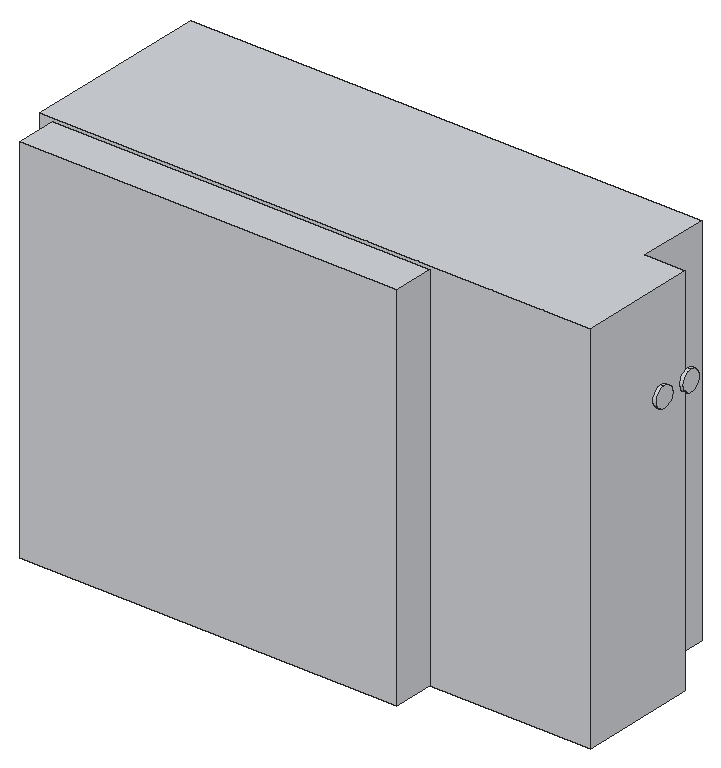
Revit family "LG_Multi_F_R32_ODU_3Port_U24A_NA_v1.1", category Mechanical Equipment, Revit 2020
Family settings
  Round Connector Dimension = Use Diameter
  Classification = None
  Part Type = Normal
  Work Plane-Based = No
  Always vertical = Yes
  Cut with Voids When Loaded = No
  Shared = No
  Room Calculation Point = No
Parameters (values of type "U24A")
  Type = ""
  Temp Operating Range (Heating)(F) = ""
  Temp Operating Range (Heating)(C) = ""
  Temp Operating Range (Cooling)(F) = ""
  Temp Operating Range (Cooling)(C) = ""
  Sound Pressure Level Heating (dB(A)) = ""
  Sound Pressure Level Cooling (dB(A)) = ""
  Sound Power Level Heating (dB(A)) = ""
  Sound Power Level Cooling (dB(A)) = ""
  Running Current (Heating)(A) = ""
  Running Current (Cooling)(A) = ""
  Refrigerant Type = ""
  Refrigerant Liquid Connection Diameter = 1/4"
  Refrigerant Gas Connection Diameter = 0.3748"
  Refrigerant Charge (oz) = ""
  Refrigerant Charge (g) = ""
  Power Supply Cable = ""
  Power Supply (Ph_V_Hz) = ""
  Power Input (Heating)(kW) = ""
  Power Input (Cooling)(kW) = ""
  Pipe Connection_Liquid Side (mm) = ""
  Pipe Connection_Liquid Side (inch) = ""
  Pipe Connection_Gas Side (mm) = ""
  Pipe Connection_Gas Side (inch) = ""
  Net Weight (lbs) = ""
  Net Weight (kg) = ""
  Model name (Factory) = ""
  Model name (Buyer) = ""
  Heating Capacity (kW) = ""
  Heating Capacity (Btu/h) = ""
  Fan Type = ""
  Fan Motor Type = ""
  Fan Motor Output (W) = ""
  Fan Air Flow Rate (CMM) = ""
  Fan Air Flow Rate (CFM) = ""
  Expansion Valve Type = ""
  Dimensions (WxHxD)(mm) = ""
  Dimensions (WxHxD)(inch) = ""
  Default Elevation = 0"
  Cooling Capacity (kW) = ""
  Cooling Capacity (Btu/h) = ""
  Compressor Type = ""
  Compressor Motor Output (W) = ""
  Chassis name = ""
Reference planes (in)
  plane 1 "중심(앞/뒤)": y = 0
  plane 2: z = 0
  plane 3 "중심(왼쪽/오른쪽)": x = 0
Forms (in)
  Extrusion 1, solid
    sketch origin (17.09646, -4.6319, 24.03468) x (0, 0, 1) y (0, -1, 0)
      loop
        circle (-4.62041, -5.00013) r 0.59055
      loop
        circle (-4.62041, -3.03163) r 0.59055
    from 0 to 0.19685
  Extrusion 2, solid
    sketch origin (0, 0, 0) x (1, 0, 0) y (0, 1, 0)
      loop
        line (-16.19517, -5.45487) -> (16.08829, -5.45487) -> (16.08829, 1.4349) -> (13.72609, 1.4349) -> (13.72609, 5.56876) -> (-16.19517, 5.56876) -> (-16.19517, -5.45487)
    from 2.23996 to 24.27941
  Extrusion 3, solid
    sketch origin (0, 0, 0) x (1, 0, 0) y (0, 0, 1)
      loop
        line (-15.41171, 24.06525) -> (-15.41171, 2.23996) -> (6.65564, 2.23996) -> (6.65564, 24.06525) -> (-15.41171, 24.06525)
    from 0 to 7.90364
Dimensions and locks (in)
  aligned and locked: level to plane 2
Connectors (in)
  piping at (16.36712, 3.24449, 6.54175), diameter 0.25, driven by "Refrigerant Liquid Connection Diameter"
    settings: on import instance, index 1, connector inside diameter 24", connector length 0", flow factor 0, pipe flow 0.0 L/s, pressure drop 0.0 Pa, fitting loss kfactor 0, connector angle 0.00°, fixture units 0, engagement length 0", angle of deflection 0.00°, flow configuration 0, flow direction 0, fitting loss method 0, system type 7, joint type 0, gender type 0, connector reference index -1, connector utility 0, adjustable connector no, is connector primary yes, connector description "Refrigerant_Pipe_Liquid_2"
  piping at (16.36712, 3.24449, 8.51025), diameter 0.25, driven by "Refrigerant Liquid Connection Diameter"
    settings: on import instance, index 2, connector inside diameter 24", connector length 0", flow factor 0, pipe flow 0.0 L/s, pressure drop 0.0 Pa, fitting loss kfactor 0, connector angle 0.00°, fixture units 0, engagement length 0", angle of deflection 0.00°, flow configuration 0, flow direction 0, fitting loss method 0, system type 7, joint type 0, gender type 0, connector reference index -1, connector utility 0, adjustable connector no, is connector primary no, connector description "Refrigerant_Pipe_Liquid_1"
  piping at (15.3435, 3.80355, 5.5575), diameter 0.3748, driven by "Refrigerant Gas Connection Diameter"
    settings: on import instance, index 3, connector inside diameter 24", connector length 0", flow factor 0, pipe flow 0.0 L/s, pressure drop 0.0 Pa, fitting loss kfactor 0, connector angle 0.00°, fixture units 0, engagement length 0", angle of deflection 0.00°, flow configuration 0, flow direction 0, fitting loss method 0, system type 8, joint type 0, gender type 0, connector reference index -1, connector utility 0, adjustable connector no, is connector primary no, connector description "Refrigerant_Pipe_Gas1_2"
  piping at (15.3435, 3.80355, 7.526), diameter 0.3748, driven by "Refrigerant Gas Connection Diameter"
    settings: on import instance, index 4, connector inside diameter 24", connector length 0", flow factor 0, pipe flow 0.0 L/s, pressure drop 0.0 Pa, fitting loss kfactor 0, connector angle 0.00°, fixture units 0, engagement length 0", angle of deflection 0.00°, flow configuration 0, flow direction 0, fitting loss method 0, system type 8, joint type 0, gender type 0, connector reference index -1, connector utility 0, adjustable connector no, is connector primary no, connector description "Refrigerant_Pipe_Gas1_1"
  piping at (16.36712, 3.24449, 10.47876), diameter 0.25, driven by "Refrigerant Liquid Connection Diameter"
    settings: on import instance, index 5, connector inside diameter 24", connector length 0", flow factor 0, pipe flow 0.0 L/s, pressure drop 0.0 Pa, fitting loss kfactor 0, connector angle 0.00°, fixture units 0, engagement length 0", angle of deflection 0.00°, flow configuration 0, flow direction 0, fitting loss method 0, system type 7, joint type 0, gender type 0, connector reference index -1, connector utility 0, adjustable connector no, is connector primary no, connector description "Refrigerant_Pipe_Liquid"
  piping at (15.3435, 3.80355, 9.49451), diameter 0.3748, driven by "Refrigerant Gas Connection Diameter"
    settings: on import instance, index 6, connector inside diameter 24", connector length 0", flow factor 0, pipe flow 0.0 L/s, pressure drop 0.0 Pa, fitting loss kfactor 0, connector angle 0.00°, fixture units 0, engagement length 0", angle of deflection 0.00°, flow configuration 0, flow direction 0, fitting loss method 0, system type 8, joint type 0, gender type 0, connector reference index -1, connector utility 0, adjustable connector no, is connector primary no, connector description "Refrigerant_Pipe_Gas1"
  electrical at (17.29331, -1.60027, 19.41427)
    settings: on Extrusion 1, index 7, voltage 0 V, apparent load 0 VA, apparent load phase1 0 VA, apparent load phase2 0 VA, apparent load phase3 0 VA, power factor 1, load classification "Other", number of poles 1, system type 30, power factor state 1, is connector primary yes, connector utility no, sub classification motor no, connector description ""
  electrical at (17.29331, 0.36823, 19.41427)
    settings: on Extrusion 1, index 8, voltage 0 V, apparent load 0 VA, apparent load phase1 0 VA, apparent load phase2 0 VA, apparent load phase3 0 VA, power factor 1, load classification "Other", number of poles 1, system type 14, power factor state 1, is connector primary no, connector utility no, sub classification motor no, connector description ""
